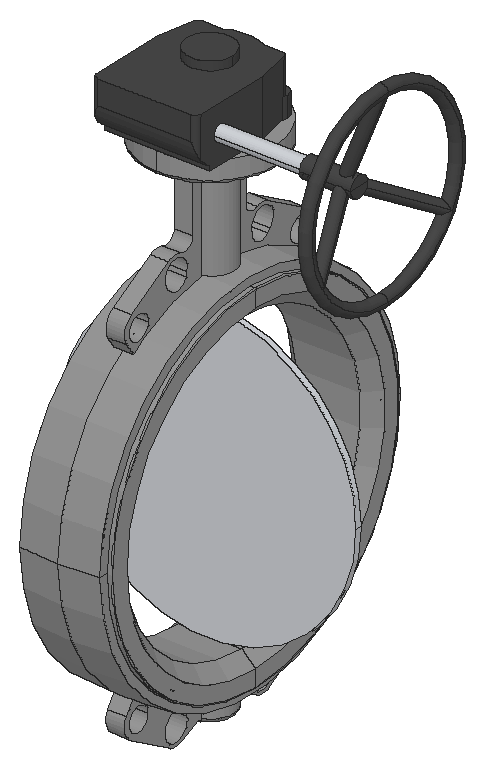
Revit family "Запорно-регулирующая заслонка с ручным редукторным приводом ZF-4219", category Rohrzubehör, Revit 2018 (continued)
Automatic sketch dimensions
  Extrusion 8 sketch curve to Extrusion 8 sketch curve = 11.576 mm
  Extrusion 8 sketch curve to Extrusion 8 sketch curve = 0.007 mm  (x2)
  Extrusion 8 sketch curve to Extrusion 8 sketch curve = 11.662 mm  (x2)
  Extrusion 8 sketch curve to Extrusion 8 sketch curve = 7.405 mm
  Extrusion 8 sketch curve to Extrusion 8 sketch curve = 9.76 mm  (x2)
  Extrusion 8 sketch curve to Extrusion 8 sketch curve = 46.144 mm
  Extrusion 8 sketch curve to Extrusion 8 sketch curve = 0.006 mm
  Extrusion 8 sketch curve to Extrusion 8 sketch curve = 0.159 mm  (x2)
  Extrusion 8 sketch curve to Extrusion 8 sketch curve = 0.225 mm  (x2)
  Extrusion 8 sketch curve to Extrusion 8 sketch curve = 3.156 mm
  Extrusion 7 sketch curve to Extrusion 7 sketch curve = 0 mm  (x29)
  Extrusion 7 sketch curve to level = 0 mm
  Extrusion 7 sketch curve to plane 1 "Mitte (Vorne/hinten)" = 0 mm
  Extrusion 7 sketch curve to Extrusion 7 sketch curve = 4.987 mm  (x2)
  plane 1 "Mitte (Vorne/hinten)" to Extrusion 7 sketch curve = 42.642 mm
  Extrusion 7 sketch curve to Extrusion 7 sketch curve = 3.28 mm  (x2)
  Extrusion 7 sketch curve to Extrusion 7 sketch curve = 14.935 mm  (x2)
  Extrusion 7 sketch curve to Extrusion 7 sketch curve = 11.589 mm  (x2)
  Extrusion 7 sketch curve to Extrusion 7 sketch curve = 14.868 mm  (x2)
  Extrusion 7 sketch curve to Extrusion 7 sketch curve = 33.628 mm  (x4)
  Extrusion 7 sketch curve to Extrusion 7 sketch curve = 3.946 mm  (x4)
  Extrusion 7 sketch curve to Extrusion 7 sketch curve = 12.021 mm  (x8)
  Extrusion 7 sketch curve to Extrusion 7 sketch curve = 8.075 mm  (x8)
  plane 1 "Mitte (Vorne/hinten)" to Extrusion 7 sketch curve = 21.03 mm
  Extrusion 7 sketch curve to Extrusion 7 sketch curve = 5.5 mm
  Extrusion 7 sketch curve to Extrusion 7 sketch curve = 0.54 mm  (x2)
  Extrusion 7 sketch curve to Extrusion 7 sketch curve = 0.103 mm
  Extrusion 7 sketch curve to Extrusion 7 sketch curve = 1.99 mm  (x2)
  plane 1 "Mitte (Vorne/hinten)" to Extrusion 7 sketch curve = 18.5 mm
  Extrusion 7 sketch curve to plane 1 "Mitte (Vorne/hinten)" = 18.5 mm  (x2)
  Extrusion 7 sketch curve to Extrusion 7 sketch curve = 1.897 mm
  Extrusion 7 sketch curve to Extrusion 7 sketch curve = 2 mm
  Extrusion 7 sketch curve to Extrusion 7 sketch curve = 21.612 mm
  Extrusion 7 sketch curve to level = 59.454 mm  (x2)
  Extrusion 7 sketch curve to Extrusion 7 sketch curve = 10.049 mm  (x4)
  Extrusion 7 sketch curve to Extrusion 7 sketch curve = 20.666 mm  (x2)
  Extrusion 7 sketch curve to Extrusion 7 sketch curve = 1.725 mm  (x2)
  Extrusion 7 sketch curve to Extrusion 7 sketch curve = 12.438 mm  (x4)
  level to Extrusion 7 sketch curve = 59.454 mm  (x2)
  Extrusion 7 sketch curve to Extrusion 7 sketch curve = 15.768 mm  (x2)
  Extrusion 7 sketch curve to Extrusion 7 sketch curve = 0.361 mm  (x2)
  Extrusion 7 sketch curve to Extrusion 7 sketch curve = 69.242 mm
  Extrusion 7 sketch curve to Extrusion 7 sketch curve = 0.014 mm
  Extrusion 7 sketch curve to Extrusion 7 sketch curve = 0.29 mm  (x2)
  Extrusion 6 sketch curve to Extrusion 6 sketch curve = 0 mm  (x31)
  Extrusion 6 sketch curve to level = 0 mm
  Extrusion 6 sketch curve to plane 1 "Mitte (Vorne/hinten)" = 0 mm
  plane 1 "Mitte (Vorne/hinten)" to Extrusion 6 sketch curve = 18.5 mm  (x2)
  Extrusion 6 sketch curve to Extrusion 6 sketch curve = 1.897 mm  (x2)
  Extrusion 6 sketch curve to Extrusion 6 sketch curve = 2 mm
  Extrusion 6 sketch curve to Extrusion 6 sketch curve = 4.154 mm  (x2)
  Extrusion 6 sketch curve to Extrusion 6 sketch curve = 5.603 mm
  Extrusion 6 sketch curve to Extrusion 6 sketch curve = 12 mm  (x2)
  Extrusion 6 sketch curve to Extrusion 6 sketch curve = 21.682 mm  (x2)
  Extrusion 6 sketch curve to Extrusion 6 sketch curve = 2.182 mm  (x2)
  Extrusion 6 sketch curve to Extrusion 6 sketch curve = 11.109 mm  (x4)
  Extrusion 6 sketch curve to Extrusion 6 sketch curve = 30.529 mm  (x4)
  Extrusion 6 sketch curve to Extrusion 6 sketch curve = 4.781 mm  (x4)
  Extrusion 6 sketch curve to Extrusion 6 sketch curve = 1.414 mm  (x8)
  Extrusion 6 sketch curve to Extrusion 6 sketch curve = 7.24 mm  (x8)
  Extrusion 6 sketch curve to Extrusion 6 sketch curve = 12.021 mm  (x8)
  Extrusion 6 sketch curve to plane 1 "Mitte (Vorne/hinten)" = 18.5 mm
  Extrusion 6 sketch curve to Extrusion 6 sketch curve = 7.5 mm
  Extrusion 6 sketch curve to Extrusion 6 sketch curve = 0.103 mm
  Extrusion 6 sketch curve to level = 50.036 mm  (x2)
  Extrusion 6 sketch curve to Extrusion 6 sketch curve = 17.112 mm  (x2)
  Extrusion 6 sketch curve to Extrusion 6 sketch curve = 9.185 mm  (x4)
  Extrusion 6 sketch curve to Extrusion 6 sketch curve = 20.608 mm  (x2)
  Extrusion 6 sketch curve to Extrusion 6 sketch curve = 12.868 mm  (x3)
  Extrusion 6 sketch curve to Extrusion 6 sketch curve = 9.096 mm  (x2)
  level to Extrusion 6 sketch curve = 50.036 mm  (x2)
  Extrusion 6 sketch curve to Extrusion 6 sketch curve = 17 mm
  Extrusion 6 sketch curve to Extrusion 6 sketch curve = 56.845 mm
  Extrusion 6 sketch curve to Extrusion 6 sketch curve = 0.017 mm
  Extrusion 6 sketch curve to Extrusion 6 sketch curve = 0.29 mm  (x2)
  Extrusion 5 sketch curve to Extrusion 5 sketch curve = 0 mm  (x25)
  Extrusion 5 sketch curve to level = 0 mm
  Extrusion 5 sketch curve to plane 1 "Mitte (Vorne/hinten)" = 0 mm
  plane 1 "Mitte (Vorne/hinten)" to Extrusion 5 sketch curve = 18.5 mm  (x2)
  Extrusion 5 sketch curve to Extrusion 5 sketch curve = 0.579 mm  (x2)
  Extrusion 5 sketch curve to Extrusion 5 sketch curve = 1.897 mm  (x2)
  Extrusion 5 sketch curve to Extrusion 5 sketch curve = 0.103 mm
  Extrusion 5 sketch curve to Extrusion 5 sketch curve = 5.603 mm
  Extrusion 5 sketch curve to Extrusion 5 sketch curve = 15.942 mm  (x4)
  Extrusion 5 sketch curve to Extrusion 5 sketch curve = 13 mm  (x2)
  Extrusion 5 sketch curve to Extrusion 5 sketch curve = 11.367 mm  (x4)
  Extrusion 5 sketch curve to Extrusion 5 sketch curve = 25.663 mm  (x4)
  Extrusion 5 sketch curve to Extrusion 5 sketch curve = 4.027 mm  (x4)
  Extrusion 5 sketch curve to Extrusion 5 sketch curve = 12.021 mm  (x5)
  Extrusion 5 sketch curve to Extrusion 5 sketch curve = 9.55 mm  (x4)
  Extrusion 5 sketch curve to Extrusion 5 sketch curve = 7.5 mm
  Extrusion 5 sketch curve to plane 1 "Mitte (Vorne/hinten)" = 18.5 mm  (x2)
  Extrusion 5 sketch curve to Extrusion 5 sketch curve = 2 mm
  Extrusion 5 sketch curve to level = 38.887 mm  (x2)
  Extrusion 5 sketch curve to Extrusion 5 sketch curve = 10.986 mm  (x3)
  Extrusion 5 sketch curve to Extrusion 5 sketch curve = 10.231 mm  (x3)
  Extrusion 5 sketch curve to Extrusion 5 sketch curve = 10.467 mm  (x4)
  Extrusion 5 sketch curve to Extrusion 5 sketch curve = 12.18 mm  (x2)
  Extrusion 5 sketch curve to Extrusion 5 sketch curve = 12.641 mm  (x4)
  Extrusion 5 sketch curve to Extrusion 5 sketch curve = 9.983 mm  (x2)
  level to Extrusion 5 sketch curve = 38.887 mm  (x2)
  Extrusion 5 sketch curve to Extrusion 5 sketch curve = 21.217 mm
  Extrusion 5 sketch curve to Extrusion 5 sketch curve = 16.969 mm  (x2)
  Extrusion 5 sketch curve to Extrusion 5 sketch curve = 51.117 mm
  Extrusion 5 sketch curve to Extrusion 5 sketch curve = 0.01 mm
  Extrusion 5 sketch curve to Extrusion 5 sketch curve = 0.29 mm  (x2)
  level to Extrusion 5 sketch curve = 49.873 mm
  Extrusion 4 sketch curve to Extrusion 4 sketch curve = 0 mm  (x28)
  Extrusion 4 sketch curve to level = 0 mm
  Extrusion 4 sketch curve to plane 1 "Mitte (Vorne/hinten)" = 0 mm
  plane 1 "Mitte (Vorne/hinten)" to Extrusion 4 sketch curve = 18.5 mm  (x2)
  Extrusion 4 sketch curve to Extrusion 4 sketch curve = 1.897 mm  (x2)
  Extrusion 4 sketch curve to Extrusion 4 sketch curve = 0.103 mm  (x2)
  Extrusion 4 sketch curve to Extrusion 4 sketch curve = 5.603 mm  (x2)
  Extrusion 4 sketch curve to Extrusion 4 sketch curve = 12.115 mm  (x4)
  Extrusion 4 sketch curve to Extrusion 4 sketch curve = 9 mm  (x2)
  Extrusion 4 sketch curve to Extrusion 4 sketch curve = 11.39 mm  (x2)
  Extrusion 4 sketch curve to Extrusion 4 sketch curve = 7.005 mm  (x2)
  Extrusion 4 sketch curve to Extrusion 4 sketch curve = 22.772 mm  (x4)
  Extrusion 4 sketch curve to Extrusion 4 sketch curve = 4.597 mm  (x4)
  Extrusion 4 sketch curve to Extrusion 4 sketch curve = 1.485 mm  (x4)
  Extrusion 4 sketch curve to Extrusion 4 sketch curve = 12.021 mm  (x4)
  Extrusion 4 sketch curve to Extrusion 4 sketch curve = 9.247 mm  (x4)
  Extrusion 4 sketch curve to plane 1 "Mitte (Vorne/hinten)" = 18.5 mm  (x2)
  Extrusion 4 sketch curve to level = 31.935 mm  (x2)
  Extrusion 4 sketch curve to Extrusion 4 sketch curve = 1.34 mm  (x4)
  Extrusion 4 sketch curve to Extrusion 4 sketch curve = 10.245 mm  (x4)
  Extrusion 4 sketch curve to Extrusion 4 sketch curve = 9.866 mm  (x4)
  Extrusion 4 sketch curve to Extrusion 4 sketch curve = 9.447 mm  (x4)
  Extrusion 4 sketch curve to Extrusion 4 sketch curve = 11.077 mm  (x4)
  Extrusion 4 sketch curve to Extrusion 4 sketch curve = 11.926 mm  (x2)
  level to Extrusion 4 sketch curve = 31.935 mm  (x2)
  Extrusion 4 sketch curve to Extrusion 4 sketch curve = 12.62 mm  (x2)
  Extrusion 4 sketch curve to Extrusion 4 sketch curve = 12.99 mm  (x2)
  Extrusion 4 sketch curve to Extrusion 4 sketch curve = 41.354 mm
  Extrusion 4 sketch curve to Extrusion 4 sketch curve = 0.018 mm
  Extrusion 4 sketch curve to Extrusion 4 sketch curve = 0.29 mm  (x2)
  Extrusion 3 sketch curve to Extrusion 3 sketch curve = 0 mm  (x23)
  Extrusion 3 sketch curve to level = 0 mm
  Extrusion 3 sketch curve to plane 1 "Mitte (Vorne/hinten)" = 0 mm
  plane 1 "Mitte (Vorne/hinten)" to Extrusion 3 sketch curve = 18 mm
  Extrusion 3 sketch curve to Extrusion 3 sketch curve = 1.897 mm  (x2)
  Extrusion 3 sketch curve to Extrusion 3 sketch curve = 0.103 mm  (x2)
  plane 1 "Mitte (Vorne/hinten)" to Extrusion 3 sketch curve = 22.391 mm
  Extrusion 3 sketch curve to Extrusion 3 sketch curve = 1.414 mm  (x14)
  Extrusion 3 sketch curve to Extrusion 3 sketch curve = 6.103 mm  (x2)
  Extrusion 3 sketch curve to Extrusion 3 sketch curve = 2 mm  (x2)
  Extrusion 3 sketch curve to Extrusion 3 sketch curve = 7.709 mm  (x4)
  Extrusion 3 sketch curve to Extrusion 3 sketch curve = 13.318 mm  (x5)
  Extrusion 3 sketch curve to Extrusion 3 sketch curve = 15.842 mm  (x5)
  Extrusion 3 sketch curve to Extrusion 3 sketch curve = 10.233 mm
  Extrusion 3 sketch curve to Extrusion 3 sketch curve = 3.184 mm  (x7)
  Extrusion 3 sketch curve to Extrusion 3 sketch curve = 6.315 mm  (x8)
  Extrusion 3 sketch curve to Extrusion 3 sketch curve = 3.021 mm  (x4)
  Extrusion 3 sketch curve to Extrusion 3 sketch curve = 5.303 mm  (x8)
  Extrusion 3 sketch curve to level = 23.805 mm  (x2)
  Extrusion 3 sketch curve to Extrusion 3 sketch curve = 3.106 mm  (x6)
  level to Extrusion 3 sketch curve = 23.805 mm  (x2)
  Extrusion 3 sketch curve to Extrusion 3 sketch curve = 6.654 mm  (x4)
  Extrusion 3 sketch curve to Extrusion 3 sketch curve = 9.77 mm  (x4)
  Extrusion 3 sketch curve to plane 1 "Mitte (Vorne/hinten)" = 18 mm
  Extrusion 3 sketch curve to plane 1 "Mitte (Vorne/hinten)" = 22.391 mm
  Extrusion 3 sketch curve to Extrusion 3 sketch curve = 5.708 mm  (x2)
  Extrusion 3 sketch curve to Extrusion 3 sketch curve = 3.131 mm
  level to Extrusion 3 sketch curve = 42.831 mm
  Extrusion 3 sketch curve to Extrusion 3 sketch curve = 4.045 mm
  Extrusion 3 sketch curve to Extrusion 3 sketch curve = 12.379 mm
  Extrusion 3 sketch curve to Extrusion 3 sketch curve = 68.43 mm
  Extrusion 3 sketch curve to Extrusion 3 sketch curve = 0.003 mm
  Extrusion 3 sketch curve to Extrusion 3 sketch curve = 0.316 mm  (x2)
  curve 12 to level = 0 mm
  curve 12 to plane 3 "Mitte (Links/rechts)" = 0 mm
  plane 1 "Mitte (Vorne/hinten)" to curve 6 = 0 mm
  curve 6 to plane 3 "Mitte (Links/rechts)" = 0 mm
  Revolve 1 sketch curve to plane 1 "Mitte (Vorne/hinten)" = 0 mm
  Revolve 1 sketch curve to Revolve 1 sketch curve = 0.987 mm
  Revolve 1 sketch curve to Revolve 1 sketch curve = 1.5 mm  (x4)
  Revolve 1 sketch curve to Revolve 1 sketch curve = 0.513 mm
  Revolve 1 sketch curve to Revolve 1 sketch curve = 0.915 mm  (x2)
  Revolve 1 sketch curve to Revolve 1 sketch curve = 1978.5 mm  (x2)
  Revolve 11 sketch curve to plane 1 "Mitte (Vorne/hinten)" = 0 mm  (x2)
  Revolve 11 sketch curve to Revolve 11 sketch curve = 3 mm
  Revolve 11 sketch curve to Revolve 11 sketch curve = 459.992 mm
  level to Revolve 11 sketch curve = 2741.474 mm
  Revolve 12 sketch curve to plane 1 "Mitte (Vorne/hinten)" = 0 mm  (x3)
  Revolve 12 sketch curve to Revolve 12 sketch curve = 1.895 mm
  Revolve 12 sketch curve to Revolve 12 sketch curve = 2 mm  (x2)
  Revolve 12 sketch curve to Revolve 12 sketch curve = 0.105 mm
  Revolve 12 sketch curve to level = 520.992 mm
  Revolve 12 sketch curve to Revolve 12 sketch curve = 2616.474 mm
  Revolve 13 sketch curve to level = 0 mm
  Revolve 13 sketch curve to Revolve 13 sketch curve = 1.492 mm
  Revolve 13 sketch curve to Revolve 13 sketch curve = 0.18 mm  (x2)
  Revolve 13 sketch curve to Revolve 13 sketch curve = 5.027 mm
  Revolve 13 sketch curve to Revolve 13 sketch curve = 1 mm
  Revolve 13 sketch curve to Revolve 13 sketch curve = 0.999 mm  (x2)
  Revolve 13 sketch curve to Revolve 13 sketch curve = 0.27 mm
  Revolve 13 sketch curve to Revolve 13 sketch curve = 0.957 mm
  Revolve 13 sketch curve to Revolve 13 sketch curve = 1328.99 mm
  Revolve 13 sketch curve to Revolve 13 sketch curve = 1875.983 mm
  Extrusion 14 sketch curve to level = 0 mm
  Extrusion 14 sketch curve to plane 3 "Mitte (Links/rechts)" = 0 mm
  radius of Extrusion 10 sketch curve = 12 mm  (x4)
  radius of Extrusion 9 sketch curve = 9.5 mm  (x4)
  radius of Extrusion 9 sketch curve = 14 mm  (x4)
  radius of Extrusion 7 sketch curve = 11.5 mm  (x4)
  radius of Extrusion 7 sketch curve = 9.5 mm  (x4)
  radius of Extrusion 6 sketch curve = 9.5 mm  (x8)
  radius of Extrusion 5 sketch curve = 9.5 mm  (x8)
  radius of Extrusion 4 sketch curve = 9.5 mm  (x8)
  radius of curve 12 = 7 mm
  radius of curve 6 = 5 mm
Nested families
  nested 1: "Herz-Logo-vorne" at (-23, 0, 197.5), type "Herz-Logo-vorne"
  nested 2: "Getriebe für Klappe DN50-DN200" at (0, 0, 125), visible <- "DN 50", type "Getriebe für Klappe DN50-DN200"
  nested 3: "Getriebe für Klappe DN50-DN200" at (0, 0, 149.5), visible <- "DN 65", type "Getriebe für Klappe DN50-DN200"
  nested 4: "Getriebe für Klappe DN50-DN200" at (0, 0, 156.5), visible <- "DN 80", type "Getriebe für Klappe DN50-DN200"
  nested 5: "Getriebe für Klappe DN50-DN200" at (0, 0, 182), visible <- "DN100", type "Getriebe für Klappe DN50-DN200"
  nested 6: "Getriebe für Klappe DN50-DN200" at (0, 0, 201), visible <- "DN125", type "Getriebe für Klappe DN50-DN200"
  nested 7: "Getriebe für Klappe DN50-DN200" at (0, 0, 214), visible <- "DN150", type "Getriebe für Klappe DN50-DN200"
  nested 8: "Getriebe für Klappe DN50-DN200" at (0, 0, 245), visible <- "DN200", type "Getriebe für Klappe DN50-DN200"
  nested 9: "Getriebe für Klappe DN250-DN300" at (0, 0, 283), visible <- "DN250", type "Getriebe für Klappe DN250-DN300"
  nested 10: "Getriebe für Klappe DN250-DN300" at (0, 0, 308), visible <- "DN300", type "Getriebe für Klappe DN250-DN300"
Connectors
  piping at (44.7, 0, 0), diameter 300, driven by "Nennweite"
    settings: on Revolve 13, index 1, connector inside diameter 609.6 mm, connector length 0 mm, flow factor 0, pipe flow 0.0 L/s, pressure drop 0.0 Pa, fitting loss kfactor 0, connector angle 0.00°, fixture units 0, engagement length 0 mm, angle of deflection 0.00°, flow configuration 0, flow direction 0, fitting loss method 0, system type 29, joint type 0, gender type 0, connector reference index -1, connector utility 0, adjustable connector no, is connector primary yes, connector description ""
  piping at (-44.7, 0, 0), diameter 300, driven by "Nennweite"
    settings: on Revolve 13, index 2, connector inside diameter 609.6 mm, connector length 0 mm, flow factor 0, pipe flow 0.0 L/s, pressure drop 0.0 Pa, fitting loss kfactor 0, connector angle 0.00°, fixture units 0, engagement length 0 mm, angle of deflection 0.00°, flow configuration 0, flow direction 0, fitting loss method 0, system type 29, joint type 0, gender type 0, connector reference index -1, connector utility 0, adjustable connector no, is connector primary no, connector description ""
Definition of nested family "Herz-Logo-vorne"
  Reference planes
    plane 1 "Mitte (Vorne/hinten)": y = 0
    plane 2: z = 0
    plane 3 "Mitte (Links/rechts)": x = 0
  Forms (mm)
    Extrusion 1, solid
      sketch origin (0.732, -0.018, 0.017) x (0, -1, 0) y (0, 0, 1)
        loop
          line (-0.018, -4.517) -> (4.482, -4.517) -> (4.482, 4.483) -> (-4.518, 4.483) -> (-4.518, -4.517) -> (-0.018, -4.517)
        loop
          line (-0.05, -3.48) -> (3.482, -3.48) -> (3.482, 3.483) -> (-3.518, 3.483) -> (-3.518, -3.48) -> (-0.05, -3.48)
        loop
          arc (-0.018, 2.383) -> (-1.543, 3.287) -> (-3.067, 2.383) r 1.738
          arc (-3.067, 2.383) -> (-3.191, 1.899) -> (-3.067, 1.415) r 1.009
          line (-3.067, 1.415) -> (-0.018, -3.281) -> (3.032, 1.415)
          arc (3.032, 1.415) -> (3.156, 1.899) -> (3.032, 2.383) r 1.009
          arc (3.032, 2.383) -> (1.507, 3.287) -> (-0.018, 2.383) r 1.738
        loop
          arc (1.885, 1.272) -> (2.005, 1.675) -> (1.885, 2.079) r 0.74
          arc (1.885, 2.079) -> (1.265, 2.416) -> (0.644, 2.079) r 0.74
          line (0.644, 2.079) -> (-0.018, 0.97) -> (-0.679, 2.079)
          arc (-0.679, 2.079) -> (-1.3, 2.416) -> (-1.921, 2.079) r 0.74
          arc (-1.921, 2.079) -> (-2.04, 1.675) -> (-1.921, 1.272) r 0.74
          line (-1.921, 1.272) -> (-0.018, -1.658) -> (1.885, 1.272)
      from 0 to 1.5
  Dimensions and locks
    aligned and locked: level to plane 2
Definition of nested family "Getriebe für Klappe DN50-DN200"
  Parameters (values of type "Getriebe für Klappe DN50-DN200")
    W01 = 11.19°  # constant formula
    URL = "www.herz-armaturen.at"
    R07 = 92 mm  # constant formula
    R06 = 6 mm  # constant formula
    R05 = 10 mm  # constant formula
    R04 = 7.5 mm  # constant formula
    R03 = 10.5 mm  # constant formula
    R02 = 5.4 mm  # constant formula
    R01 = 44.9 mm  # constant formula
    M01 = 37 mm  # constant formula
    L03 = 52 mm  # constant formula
    L02 = 39.6 mm  # constant formula
    L01 = 80 mm  # constant formula
    Manufacturer = "Herz-Armaturen GmbH"  # constant formula
    H03 = 28.6 mm  # constant formula
    H02 = 20 mm  # constant formula
    H01 = 54 mm  # constant formula
    B05 = 209 mm  # constant formula
    B04 = 22 mm  # constant formula
    B03 = 50 mm  # constant formula
    B02 = 159 mm  # constant formula
    B01 = 51 mm  # constant formula
    A01 = 28.6 mm  # constant formula
  Reference planes
    plane 1 "Mitte (Vorne/hinten)": y = 0
    plane 2: z = 0
    plane 3 "Mitte (Links/rechts)": x = 0
  Forms (mm)
    Extrusion 1, solid, detail levels fine
      sketch origin (0, 0, 0) x (1, 0, 0) y (0, 1, 0)
        loop
          line (51, 0) -> (43.999, 35.392)
          arc (43.999, 35.392) -> (42.103, 38.419) -> (38.732, 39.6) r 5.4
          line (38.732, 39.6) -> (20.252, 39.6)
          arc (20.252, 39.6) -> (0, 44.427) -> (-20.252, 39.6) r 44.9
          line (-20.252, 39.6) -> (-38.732, 39.6)
          arc (-38.732, 39.6) -> (-42.103, 38.419) -> (-43.999, 35.392) r 5.4
          line (-43.999, 35.392) -> (-51, 0) -> (-51, -74.6)
          arc (-51, -74.6) -> (-49.418, -78.418) -> (-45.6, -80) r 5.4
          line (-45.6, -80) -> (45.6, -80)
          arc (45.6, -80) -> (49.418, -78.418) -> (51, -74.6) r 5.4
          line (51, -74.6) -> (51, 0)
      from 0 to 54
    Extrusion 2, solid, detail levels fine
      sketch origin (0, 0, 0) x (1, 0, 0) y (0, 1, 0)
        loop
          circle (-35.7, 37) r 10.5
        loop
          circle (35.7, 37) r 10.5
      from 0 to 20
    Extrusion 3, void
      sketch origin (0, 0, 0) x (0, 1, 0) y (0, 0, 1)
        loop
          line (-80, 0) -> (-64.573, 0) -> (-64.573, 4.9)
          arc (-64.573, 4.9) -> (-75.841, 15.433) -> (-80, 30.286) r 28.6
          line (-80, 30.286) -> (-80, 0)
      from -51 to 51
    Revolve 4, solid, detail levels fine
      sketch origin (0, 0, 28.6) x (1, 0, 0) y (0, 1, 0)
        loop
          line (0, -52) -> (0, -59.5) -> (159, -59.5) -> (159, -52) -> (0, -52)
        axis (0, -52) -> (159, -52)
      angle from 0 to 360
    Extrusion 5, solid, detail levels fine
      sketch origin (0, 0, 0) x (1, 0, 0) y (0, 1, 0)
        loop
          circle (0, 0) r 22.3
      from 54 to 63
    Revolve 6, solid, detail levels fine
      sketch origin (0, -52, 28.6) x (1, 0, 0) y (0, 0, 1)
        loop
          circle (209, 92) r 6
        axis (203, 0) -> (215, 0)
      angle from 0 to 360
    Revolve 7, solid, detail levels fine
      sketch origin (0, -52, 0) x (1, 0, 0) y (0, 0, 1)
        loop
          line (209, 120.6) -> (172, 28.6) -> (177.567, 26.361) -> (214.567, 118.361) -> (209, 120.6)
        axis (172, 28.6) -> (209, 120.6)
      angle from 0 to 360
    Revolve 8, solid, detail levels fine
      sketch origin (0, 0, 28.6) x (1, 0, 0) y (0, 1, 0)
        loop
          line (137, -59.5) -> (137, -62) -> (187, -62) -> (187, -52) -> (159, -52) -> (159, -59.5) -> (137, -59.5)
        axis (137, -52) -> (187, -52)
      angle from 0 to 360
    Revolve 9, solid, detail levels fine
      sketch origin (0, -27.232, 42.9) x (1, 0, 0) y (0, -0.866025, -0.5)
        loop
          line (209, 120.6) -> (172, 28.6) -> (177.567, 26.361) -> (214.567, 118.361) -> (209, 120.6)
        axis (172, 28.6) -> (209, 120.6)
      angle from 0 to 360
    Revolve 10, solid, detail levels fine
      sketch origin (0, -76.768, 42.9) x (1, 0, 0) y (0, 0.866025, -0.5)
        loop
          line (209, 120.6) -> (172, 28.6) -> (177.567, 26.361) -> (214.567, 118.361) -> (209, 120.6)
        axis (172, 28.6) -> (209, 120.6)
      angle from 0 to 360
  Cuts and joins
    Extrusion 3 cuts Extrusion 1
  Dimensions and locks
    "B01": Extrusion 1 sketch curve to plane 3 "Mitte (Links/rechts)"
    "B01": plane 3 "Mitte (Links/rechts)" to Extrusion 1 sketch curve
    "L02": plane 1 "Mitte (Vorne/hinten)" to Extrusion 1 sketch curve  (x2)
    "L01": Extrusion 1 sketch curve to plane 1 "Mitte (Vorne/hinten)"
    "M01": plane 1 "Mitte (Vorne/hinten)" to Extrusion 2 sketch curve  (x2)
    "H01": Extrusion 1 to plane 2
    "H02": Extrusion 2 to plane 2
    "L03": Revolve 4 sketch curve to plane 1 "Mitte (Vorne/hinten)"
    "R04": Revolve 4 sketch curve to Revolve 4 sketch curve
    "B02": Revolve 4 sketch curve to Revolve 4 sketch curve
    "H03": Revolve 8 to plane 2
    "H03": Revolve 4 to plane 2
    "L03": Revolve 8 sketch curve to plane 1 "Mitte (Vorne/hinten)"
    "B02": plane 3 "Mitte (Links/rechts)" to Revolve 8 sketch curve
    "R05": Revolve 8 sketch curve to Revolve 8 sketch curve
    "B03": Revolve 8 sketch curve to Revolve 8 sketch curve
    "B04": Revolve 8 sketch curve to Revolve 8 sketch curve
    "R04": Revolve 8 sketch curve to Revolve 8 sketch curve
    "B05": Revolve 6 sketch curve to plane 3 "Mitte (Links/rechts)"
    "R07": Revolve 6 sketch curve to Revolve 6 sketch curve
    "A01": plane 2 to Revolve 6 sketch curve
    "R02": radius of Extrusion 1 sketch curve  (x4)
    "R01": radius of Extrusion 1 sketch curve
    "R03": radius of Extrusion 2 sketch curve  (x2)
    "R06": radius of Revolve 6 sketch curve
    "W01": angle Extrusion 1 sketch curve to Extrusion 1 sketch curve  (x2)
    aligned and locked: level to plane 2
  Automatic sketch dimensions
    Extrusion 3 sketch curve to level = 0 mm
    plane 1 "Mitte (Vorne/hinten)" to Extrusion 3 sketch curve = 80 mm
    Extrusion 3 sketch curve to Extrusion 3 sketch curve = 15.427 mm
    Extrusion 3 sketch curve to Extrusion 3 sketch curve = 13.173 mm
    level to Extrusion 3 sketch curve = 4.9 mm
    plane 1 "Mitte (Vorne/hinten)" to Extrusion 5 sketch curve = 0 mm
    Extrusion 5 sketch curve to plane 3 "Mitte (Links/rechts)" = 0 mm
    level to Revolve 7 sketch curve = 28.6 mm  (x2)
    plane 3 "Mitte (Links/rechts)" to Revolve 7 sketch curve = 172 mm
    level to Revolve 7 sketch curve = 26.361 mm
    Revolve 7 sketch curve to Revolve 7 sketch curve = 5.567 mm
    level to Revolve 7 sketch curve = 120.6 mm
    Revolve 7 sketch curve to Revolve 7 sketch curve = 0 mm  (x3)
    plane 3 "Mitte (Links/rechts)" to Revolve 10 sketch curve = 172 mm
    Revolve 10 sketch curve to Revolve 10 sketch curve = 5.567 mm
    Revolve 10 sketch curve to Revolve 10 sketch curve = 37 mm
    Revolve 10 sketch curve to Revolve 10 sketch curve = 2.239 mm
    Revolve 10 sketch curve to Revolve 10 sketch curve = 0 mm  (x4)
    plane 3 "Mitte (Links/rechts)" to Revolve 9 sketch curve = 172 mm
    Revolve 9 sketch curve to Revolve 9 sketch curve = 5.567 mm
    Revolve 9 sketch curve to Revolve 9 sketch curve = 37 mm
    Revolve 9 sketch curve to Revolve 9 sketch curve = 2.239 mm
    Revolve 9 sketch curve to Revolve 9 sketch curve = 0 mm  (x4)
    Extrusion 1 sketch curve to plane 3 "Mitte (Links/rechts)" = 0 mm
    plane 1 "Mitte (Vorne/hinten)" to Extrusion 1 sketch curve = 0 mm  (x2)
    Extrusion 1 sketch curve to plane 1 "Mitte (Vorne/hinten)" = 35.392 mm
    Extrusion 1 sketch curve to Extrusion 1 sketch curve = 18.48 mm  (x2)
    Extrusion 2 sketch curve to plane 3 "Mitte (Links/rechts)" = 35.7 mm
    plane 3 "Mitte (Links/rechts)" to Extrusion 2 sketch curve = 35.7 mm
    Revolve 4 sketch curve to plane 3 "Mitte (Links/rechts)" = 0 mm  (x2)
    Revolve 4 sketch curve to Revolve 4 sketch curve = 0 mm  (x2)
    Revolve 6 sketch curve to plane 3 "Mitte (Links/rechts)" = 1506.53 mm
    Revolve 6 sketch curve to Revolve 6 sketch curve = 1630.148 mm
    Revolve 8 sketch curve to Revolve 8 sketch curve = 7.5 mm
    Revolve 8 sketch curve to Revolve 8 sketch curve = 0 mm  (x2)
    radius of Extrusion 5 sketch curve = 22.3 mm
Definition of nested family "Getriebe für Klappe DN250-DN300"
  Parameters (values of type "Getriebe für Klappe DN250-DN300")
    W01 = 11.19°  # constant formula
    URL = "www.herz-armaturen.at"
    R07 = 92 mm  # constant formula
    R06 = 6 mm  # constant formula
    R05 = 10 mm  # constant formula
    R04 = 7.5 mm  # constant formula
    R03 = 10.5 mm  # constant formula
    R02 = 5.4 mm  # constant formula
    R01 = 44.9 mm  # constant formula
    M01 = 37 mm  # constant formula
    L03 = 52 mm  # constant formula
    L02 = 39.6 mm  # constant formula
    L01 = 80 mm  # constant formula
    Manufacturer = "Herz-Armaturen GmbH"  # constant formula
    H03 = 28.6 mm  # constant formula
    H02 = 20 mm  # constant formula
    H01 = 54 mm  # constant formula
    B05 = 209 mm  # constant formula
    B04 = 22 mm  # constant formula
    B03 = 50 mm  # constant formula
    B02 = 159 mm  # constant formula
    B01 = 51 mm  # constant formula
    A01 = 28.6 mm  # constant formula
  Reference planes
    plane 1 "Mitte (Vorne/hinten)": y = 0
    plane 2: z = 0
    plane 3 "Mitte (Links/rechts)": x = 0
  Forms (mm)
    Extrusion 1, solid, detail levels fine
      sketch origin (0, 0, 0) x (1, 0, 0) y (0, 1, 0)
        loop
          line (51, 0) -> (43.999, 35.392)
          arc (43.999, 35.392) -> (42.103, 38.419) -> (38.732, 39.6) r 5.4
          line (38.732, 39.6) -> (20.252, 39.6)
          arc (20.252, 39.6) -> (0, 44.427) -> (-20.252, 39.6) r 44.9
          line (-20.252, 39.6) -> (-38.732, 39.6)
          arc (-38.732, 39.6) -> (-42.103, 38.419) -> (-43.999, 35.392) r 5.4
          line (-43.999, 35.392) -> (-51, 0) -> (-51, -74.6)
          arc (-51, -74.6) -> (-49.418, -78.418) -> (-45.6, -80) r 5.4
          line (-45.6, -80) -> (45.6, -80)
          arc (45.6, -80) -> (49.418, -78.418) -> (51, -74.6) r 5.4
          line (51, -74.6) -> (51, 0)
      from 0 to 54
    Extrusion 2, solid, detail levels fine
      sketch origin (0, 0, 0) x (1, 0, 0) y (0, 1, 0)
        loop
          circle (-35.7, 37) r 10.5
        loop
          circle (35.7, 37) r 10.5
      from 0 to 20
    Extrusion 3, void
      sketch origin (0, 0, 0) x (0, 1, 0) y (0, 0, 1)
        loop
          line (-80, 0) -> (-64.573, 0) -> (-64.573, 4.9)
          arc (-64.573, 4.9) -> (-75.841, 15.433) -> (-80, 30.286) r 28.6
          line (-80, 30.286) -> (-80, 0)
      from -51 to 51
    Revolve 4, solid, detail levels fine
      sketch origin (0, 0, 28.6) x (1, 0, 0) y (0, 1, 0)
        loop
          line (0, -52) -> (0, -59.5) -> (159, -59.5) -> (159, -52) -> (0, -52)
        axis (0, -52) -> (159, -52)
      angle from 0 to 360
    Extrusion 5, solid, detail levels fine
      sketch origin (0, 0, 0) x (1, 0, 0) y (0, 1, 0)
        loop
          circle (0, 0) r 22.3
      from 54 to 62.5
    Revolve 6, solid, detail levels fine
      sketch origin (0, -52, 28.6) x (1, 0, 0) y (0, 0, 1)
        loop
          circle (209, 92) r 6
        axis (203, 0) -> (215, 0)
      angle from 0 to 360
    Revolve 7, solid, detail levels fine
      sketch origin (0, -52, 0) x (1, 0, 0) y (0, 0, 1)
        loop
          line (209, 120.6) -> (172, 28.6) -> (177.567, 26.361) -> (214.567, 118.361) -> (209, 120.6)
        axis (172, 28.6) -> (209, 120.6)
      angle from 0 to 360
    Revolve 8, solid, detail levels fine
      sketch origin (0, 0, 28.6) x (1, 0, 0) y (0, 1, 0)
        loop
          line (137, -59.5) -> (137, -62) -> (187, -62) -> (187, -52) -> (159, -52) -> (159, -59.5) -> (137, -59.5)
        axis (137, -52) -> (187, -52)
      angle from 0 to 360
    Revolve 9, solid, detail levels fine
      sketch origin (0, -27.232, 42.9) x (1, 0, 0) y (0, -0.866025, -0.5)
        loop
          line (209, 120.6) -> (172, 28.6) -> (177.567, 26.361) -> (214.567, 118.361) -> (209, 120.6)
        axis (172, 28.6) -> (209, 120.6)
      angle from 0 to 360
    Revolve 10, solid, detail levels fine
      sketch origin (0, -76.768, 42.9) x (1, 0, 0) y (0, 0.866025, -0.5)
        loop
          line (209, 120.6) -> (172, 28.6) -> (177.567, 26.361) -> (214.567, 118.361) -> (209, 120.6)
        axis (172, 28.6) -> (209, 120.6)
      angle from 0 to 360
  Cuts and joins
    Extrusion 3 cuts Extrusion 1
  Dimensions and locks
    "B01": Extrusion 1 sketch curve to plane 3 "Mitte (Links/rechts)"
    "B01": plane 3 "Mitte (Links/rechts)" to Extrusion 1 sketch curve
    "L02": plane 1 "Mitte (Vorne/hinten)" to Extrusion 1 sketch curve  (x2)
    "L01": Extrusion 1 sketch curve to plane 1 "Mitte (Vorne/hinten)"
    "M01": plane 1 "Mitte (Vorne/hinten)" to Extrusion 2 sketch curve  (x2)
    "H01": Extrusion 1 to plane 2
    "H02": Extrusion 2 to plane 2
    "L03": Revolve 4 sketch curve to plane 1 "Mitte (Vorne/hinten)"
    "R04": Revolve 4 sketch curve to Revolve 4 sketch curve
    "B02": Revolve 4 sketch curve to Revolve 4 sketch curve
    "H03": Revolve 8 to plane 2
    "H03": Revolve 4 to plane 2
    "L03": Revolve 8 sketch curve to plane 1 "Mitte (Vorne/hinten)"
    "B02": plane 3 "Mitte (Links/rechts)" to Revolve 8 sketch curve
    "R05": Revolve 8 sketch curve to Revolve 8 sketch curve
    "B03": Revolve 8 sketch curve to Revolve 8 sketch curve
    "B04": Revolve 8 sketch curve to Revolve 8 sketch curve
    "R04": Revolve 8 sketch curve to Revolve 8 sketch curve
    "B05": Revolve 6 sketch curve to plane 3 "Mitte (Links/rechts)"
    "R07": Revolve 6 sketch curve to Revolve 6 sketch curve
    "A01": plane 2 to Revolve 6 sketch curve
    "R02": radius of Extrusion 1 sketch curve  (x4)
    "R01": radius of Extrusion 1 sketch curve
    "R03": radius of Extrusion 2 sketch curve  (x2)
    "R06": radius of Revolve 6 sketch curve
    "W01": angle Extrusion 1 sketch curve to Extrusion 1 sketch curve  (x2)
    aligned and locked: level to plane 2
  Automatic sketch dimensions
    Extrusion 3 sketch curve to level = 0 mm
    plane 1 "Mitte (Vorne/hinten)" to Extrusion 3 sketch curve = 80 mm
    Extrusion 3 sketch curve to Extrusion 3 sketch curve = 15.427 mm
    Extrusion 3 sketch curve to Extrusion 3 sketch curve = 13.173 mm
    level to Extrusion 3 sketch curve = 4.9 mm
    plane 1 "Mitte (Vorne/hinten)" to Extrusion 5 sketch curve = 0 mm
    Extrusion 5 sketch curve to plane 3 "Mitte (Links/rechts)" = 0 mm
    level to Revolve 7 sketch curve = 28.6 mm  (x2)
    plane 3 "Mitte (Links/rechts)" to Revolve 7 sketch curve = 172 mm
    level to Revolve 7 sketch curve = 26.361 mm
    Revolve 7 sketch curve to Revolve 7 sketch curve = 5.567 mm
    level to Revolve 7 sketch curve = 120.6 mm
    Revolve 7 sketch curve to Revolve 7 sketch curve = 0 mm  (x3)
    plane 3 "Mitte (Links/rechts)" to Revolve 10 sketch curve = 172 mm
    Revolve 10 sketch curve to Revolve 10 sketch curve = 5.567 mm
    Revolve 10 sketch curve to Revolve 10 sketch curve = 37 mm
    Revolve 10 sketch curve to Revolve 10 sketch curve = 2.239 mm
    Revolve 10 sketch curve to Revolve 10 sketch curve = 0 mm  (x4)
    plane 3 "Mitte (Links/rechts)" to Revolve 9 sketch curve = 172 mm
    Revolve 9 sketch curve to Revolve 9 sketch curve = 5.567 mm
    Revolve 9 sketch curve to Revolve 9 sketch curve = 37 mm
    Revolve 9 sketch curve to Revolve 9 sketch curve = 2.239 mm
    Revolve 9 sketch curve to Revolve 9 sketch curve = 0 mm  (x4)
    Extrusion 1 sketch curve to plane 3 "Mitte (Links/rechts)" = 0 mm
    plane 1 "Mitte (Vorne/hinten)" to Extrusion 1 sketch curve = 0 mm  (x2)
    Extrusion 1 sketch curve to plane 1 "Mitte (Vorne/hinten)" = 35.392 mm
    Extrusion 1 sketch curve to Extrusion 1 sketch curve = 18.48 mm  (x2)
    Extrusion 2 sketch curve to plane 3 "Mitte (Links/rechts)" = 35.7 mm
    plane 3 "Mitte (Links/rechts)" to Extrusion 2 sketch curve = 35.7 mm
    Revolve 4 sketch curve to plane 3 "Mitte (Links/rechts)" = 0 mm  (x2)
    Revolve 4 sketch curve to Revolve 4 sketch curve = 0 mm  (x2)
    Revolve 6 sketch curve to plane 3 "Mitte (Links/rechts)" = 1506.53 mm
    Revolve 6 sketch curve to Revolve 6 sketch curve = 1630.148 mm
    Revolve 8 sketch curve to Revolve 8 sketch curve = 7.5 mm
    Revolve 8 sketch curve to Revolve 8 sketch curve = 0 mm  (x2)
    radius of Extrusion 5 sketch curve = 22.3 mm
